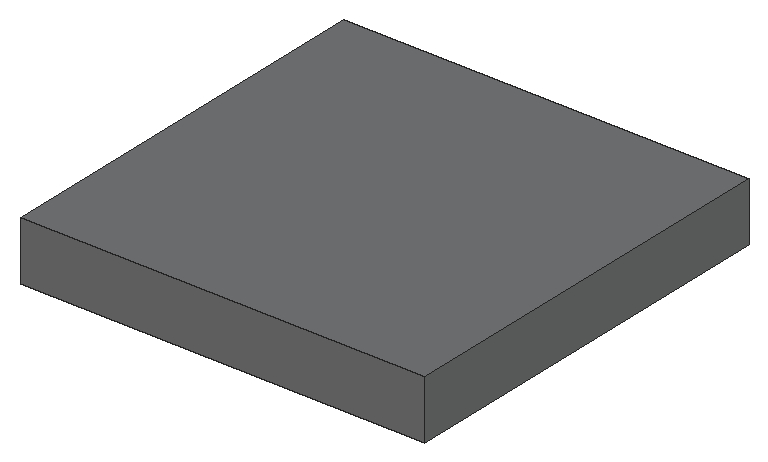
Revit family "Gira_027227", category Electrical Fixtures, host Face, Revit 2017
Family settings
  Host = Face
  Maintain Annotation Orientation = No
  Round Connector Dimension = Use Diameter
  Part Type = Normal
  Cut with Voids When Loaded = No
  Shared = No
  Room Calculation Point = No
Parameters (values of type "Cov. sup.ring devices Ø 22.5 mm System 55 p.white m")
  URL = "http://katalog.gira.de/en/datenblatt.html?artikelnr=027227"
  Transparent = "No"
  Name = "Cov. sup.ring devices Ø 22.5 mm System 55 p.white m"
  Manufacturer URL = "https://www.gira.de/"
  Manufacturer = "Gira"
  Keynote = ""
  HeinzeBIM = "https://bimportal.heinze.de/bim/cov-sup-ring-devices-22-5-mm-system-55-p-white-m/b70757fe83e80d3b1673bbe0f7dc1953f93e2887"
  HAN = "027227"
  GTIN = "4010337272274"
  Description = "Cov.sup.r.devices D22.5mm Sys55 PWm,Cover plate with support ring for the insertion of command and signal devices (diameter  22.5 mm),,pure white matt,Notes :,- For screw mounting only.,- For push buttons, slam buttons, key buttons, non-latching buttons, illuminated buttons, and mushroom buttons, selector switches, and signal lights, e.g. from Lumitas, Rafi, Elan, or Fanal."
  Default Elevation = 1219.2 mm
  Data sheet (1) = "https://katalog.gira.de/en/download.html?artikelnr=027227"
  Category = "Insert/cover for communication technology"
  BIM (1) = "https://media.stage.bim.site/public/gira/36a6b08/Sys55_Abdeckung_Schalten und Tasten.rfa?public/gira/36a6b08/Sys55_Abdeckung_Schalten und Tasten.rfa"
  Available = "No"
  Anthrazit [instance] = Anthrazit
Reference planes
  plane 1 "Center (Front/Back)": y = 0
  plane 2: z = 0
  plane 3 "Center (Left/Right)": x = 0
Forms (mm)
  Extrusion 1, solid, material "Anthrazit" <- "Anthrazit", detail levels fine
    sketch origin (0, 0, 0) x (1, 0, 0) y (0, 1, 0)
      loop
        line (-27.5, 27.5) -> (-27.5, -27.5) -> (27.5, -27.5) -> (27.5, 27.5) -> (-27.5, 27.5)
    from 0 to 8
  Extrusion 2, void
    sketch origin (0, 0, 0) x (1, 0, 0) y (0, 1, 0)
      loop
        line (26, 26) -> (-26, 26) -> (-26, -26) -> (26, -26) -> (26, 26)
    from 0 to 6
  Extrusion 3, solid, material "Anthrazit" <- "Anthrazit", detail levels medium
    sketch origin (0, 0, 0) x (1, 0, 0) y (0, 1, 0)
      loop
        line (-27.5, 27.5) -> (-27.5, -27.5) -> (27.5, -27.5) -> (27.5, 27.5) -> (-27.5, 27.5)
    from 0 to 8
  Extrusion 4, solid, material "Anthrazit" <- "Anthrazit", detail levels medium
    sketch origin (0, 0, 0) x (1, 0, 0) y (0, 1, 0)
      loop
        line (11, -17.5) -> (11, 17.5) -> (-11, 17.5) -> (-11, -17.5) -> (11, -17.5)
    from -6 to 6
  Extrusion 5, solid, material "Anthrazit" <- "Anthrazit", detail levels fine
    sketch origin (0, 0, 0) x (1, 0, 0) y (0, 1, 0)
      loop
        line (11, 17.5) -> (-11, 17.5) -> (-11, 16.5) -> (11, 16.5) -> (11, 17.5)
      loop
        line (-11, -16.5) -> (-11, -17.5) -> (11, -17.5) -> (11, -16.5) -> (-11, -16.5)
    from -4 to 6
  Extrusion 6, solid, material "Anthrazit" <- "Anthrazit", detail levels fine
    sketch origin (0, 0, 0) x (1, 0, 0) y (0, 1, 0)
      loop
        arc (5, 9.347) -> (0, 10.6) -> (-5, 9.347) r 10.6
        line (-5, 9.347) -> (-5, -9.347)
        arc (-5, -9.347) -> (0, -10.6) -> (5, -9.347) r 10.6
        line (5, -9.347) -> (5, 9.347)
    from -6 to 6
  Extrusion 7, solid, material "Anthrazit" <- "Anthrazit", detail levels coarse
    sketch origin (0, 0, 0) x (1, 0, 0) y (0, 1, 0)
      loop
        line (-27.5, 27.5) -> (-27.5, -27.5) -> (27.5, -27.5) -> (27.5, 27.5) -> (-27.5, 27.5)
    from -6 to 8
Cuts and joins
  Extrusion 2 cuts Extrusion 1
Dimensions and locks
  aligned and locked: plane 2 to host face
  aligned and locked: level to host face
